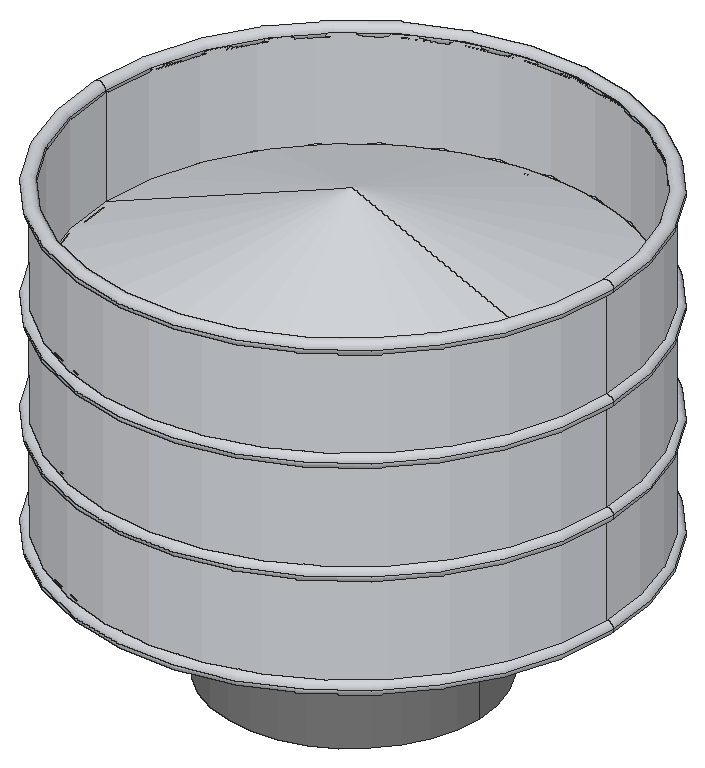
Revit family "НЕВАТОМ_Дефлектор, версия 1", category Воздухораспределители, Revit 2017
Family settings
  Размер круглого соединителя = Использовать диаметр
  Тип детали = Нормальный
  На основе рабочей плоскости = Нет
  Всегда вертикально = Да
  При загрузке вырезать с полостями = Нет
  Общий = Нет
  Точка расчета площади = Нет
Parameters (values of type "1120")
  Расход [instance] = 0.0 L/s
  Н2 = 1345 mm
  Н = 1904 mm
  Материал = Материал корпуса
  Nevatom_URL = "https://t.me/NEVATOM_Bim_bot"
  D3/2 = D3 / 2  # 1120 mm
  D3 = 2240 mm
  D* = D / 20  # 56 mm
  D in = D3 - D / 20  # 2184 mm
  D = 1120 mm
  ADSK_Расход воздуха = 0.0 L/s
  ADSK_Размер_Ширина = D3  # 2240 mm
  ADSK_Размер_Длина = D3  # 2240 mm
  ADSK_Размер_Высота = Н  # 1904 mm
  ADSK_Примечание = ""
  ADSK_Потеря давления воздуха = 0.0 Pa
  ADSK_Позиция = ""
  ADSK_Наименование = "Дефлектор"  # constant formula
  ADSK_Материал наименование = "Оцинкованная сталь"  # constant formula
  ADSK_Масса_Текст = "кг"
  ADSK_Марка = "Дефлектор-1120–ОЦ–Н"
  ADSK_Количество = 1  # constant formula
  ADSK_Код изделия = ""
  ADSK_Завод-изготовитель = "НЕВАТОМ"  # constant formula
  ADSK_Единица измерения = "шт"  # constant formula
Types (19, lengths in mm): name | Н2 | Н | D3/2 | D3 | D* | D in | D | ADSK_Размер_Ширина | ADSK_Размер_Длина | ADSK_Размер_Высота | ADSK_Марка
  (no name) | 1345 | 1904 | 1120 | 2240 | 56 | 2184 | 1120 | 2240 | 2240 | 1904 | "Дефлектор-1120–ОЦ–Н"
  500 | 610 | 850 | 500 | 1000 | 25 | 975 | 500 | 1000 | 1000 | 850 | "Дефлектор-500 –ОЦ–Н"
  100 | 145 | 170 | 89 | 178 | 5 | 173 | 100 | 178 | 178 | 170 | "Дефлектор-100–ОЦ–Н"
  125 | 170 | 213 | 112.5 | 225 | 6.25 | 218.75 | 125 | 225 | 225 | 213 | "Дефлектор-125–ОЦ–Н"
  160 | 220 | 272 | 160 | 320 | 8 | 312 | 160 | 320 | 320 | 272 | "Дефлектор-160–ОЦ–Н"
  200 | 260 | 340 | 200 | 400 | 10 | 390 | 200 | 400 | 400 | 340 | "Дефлектор-200–ОЦ–Н"
  250 | 300 | 425 | 250 | 500 | 12.5 | 487.5 | 250 | 500 | 500 | 425 | "Дефлектор-250–ОЦ–Н"
  315 | 400 | 536 | 315 | 630 | 15.75 | 614.25 | 315 | 630 | 630 | 536 | "Дефлектор-315–ОЦ–Н"
  355 | 445 | 604 | 355 | 710 | 17.75 | 692.25 | 355 | 710 | 710 | 604 | "Дефлектор-355–ОЦ–Н"
  400 | 500 | 680 | 400 | 800 | 20 | 780 | 400 | 800 | 800 | 680 | "Дефлектор-400–ОЦ–Н"
  450 | 560 | 765 | 450 | 900 | 22.5 | 877.5 | 450 | 900 | 900 | 765 | "Дефлектор-450–ОЦ–Н"
  560 | 610 | 952 | 500 | 1000 | 28 | 972 | 560 | 1000 | 1000 | 952 | "Дефлектор-560–ОЦ–Н"
  630 | 775 | 1071 | 630 | 1260 | 31.5 | 1228.5 | 630 | 1260 | 1260 | 1071 | "Дефлектор-630–ОЦ–Н"
  710 | 870 | 1207 | 665 | 1330 | 35.5 | 1294.5 | 710 | 1330 | 1330 | 1207 | "Дефлектор-710–ОЦ–Н"
  800 | 1000 | 1360 | 800 | 1600 | 40 | 1560 | 800 | 1600 | 1600 | 1360 | "Дефлектор-800–ОЦ–Н"
  900 | 1060 | 1530 | 900 | 1800 | 45 | 1755 | 900 | 1800 | 1800 | 1530 | "Дефлектор-900–ОЦ–Н"
  1000 | 1230 | 1700 | 1000 | 2000 | 50 | 1950 | 1000 | 2000 | 2000 | 1700 | "Дефлектор-1000–ОЦ–Н"
  1120 | 1345 | 1904 | 1120 | 2240 | 56 | 2184 | 1120 | 2240 | 2240 | 1904 | "Дефлектор-1120–ОЦ–Н"
  1250 | 1500 | 2125 | 1250 | 2500 | 62.5 | 2437.5 | 1250 | 2500 | 2500 | 2125 | "Дефлектор-1250–ОЦ–Н"
Reference planes
  plane 1 "По центру (Вперед/Назад)": y = 0
  plane 2: z = 0
  plane 3 "По центру (Влево/Вправо)": x = 0
  plane 4 "5": z = 279.5
  plane 5 "4": z = 559
  plane 6 "3": z = 1007.333
  plane 7 "2": z = 1455.667
  plane 8 "1": z = 1904
  plane 9: x = -560
  plane 10: x = 560
  plane 11: x = -1120
  plane 12: x = -1120
  plane 13: x = 1120
  plane 14: x = 0
Forms (mm)
  Extrusion 1, solid, material "Материал корпуса" <- "Материал"
    sketch origin (0, 0, 0) x (1, 0, 0) y (0, 1, 0)
      loop
        circle (0, 0) r 560
    from 0 to 559
  Revolve 2, solid
    sketch origin (0, 0, 0) x (1, 0, 0) y (0, 0, 1)
      loop
        circle (-560, 279.5) r 28
      axis (0, 279.5) -> (0, 278.5)
    angle from 0 to 360
  Revolve 3, solid
    sketch origin (20, 0, 0) x (1, 0, 0) y (0, 0, 1)
      loop
        circle (-1140, 559) r 28
      loop
        circle (-1140, 1007.333) r 28
      loop
        circle (-1140, 1455.667) r 28
      loop
        circle (-1140, 1904) r 28
      axis (-20, 1904) -> (-20, 559)
    angle from 0 to 360
  Revolve 4, solid
    sketch origin (0, 0, 0) x (1, 0, 0) y (0, 0, 1)
      loop
        line (-1120, 1455.667) -> (0, 1455.667) -> (0, 1904) -> (-1120, 1455.667)
      axis (0, 1904) -> (0, 1455.667)
    angle from 0 to 360
  Extrusion 5, solid
    sketch origin (0, 0, 0) x (1, 0, 0) y (0, 1, 0)
      loop
        circle (0, 0) r 1120
    from 559 to 1904
  Extrusion 6, void
    sketch origin (0, 0, 0) x (1, 0, 0) y (0, 1, 0)
      loop
        circle (0, 0) r 1092
    from 1455.667 to 1904
Cuts and joins
  Extrusion 6 cuts Extrusion 1
  Extrusion 6 cuts Extrusion 5
Dimensions and locks
  "Н": plane 8 "1" to plane 2
  "Н2": plane 8 "1" to plane 5 "4"
  equal spacing: plane 5 "4", plane 4 "5", plane 2
  equal spacing: plane 10, plane 3 "По центру (Влево/Вправо)", plane 9
  "D": plane 10 to plane 9
  equal spacing: plane 8 "1", plane 7 "2", plane 6 "3", plane 5 "4"
  "D3": plane 13 to plane 12
  equal spacing: plane 13, plane 3 "По центру (Влево/Вправо)", plane 12
  "D3/2": plane 14 to plane 11
  "D": diameter of Extrusion 1 sketch curve
  "D*": diameter of Revolve 2 sketch curve
  "D*": diameter of Revolve 3 sketch curve  (x4)
  "D3": diameter of Extrusion 5 sketch curve
  "D in": diameter of Extrusion 6 sketch curve
  aligned and locked: level to plane 2
  aligned and locked: plane 5 "4" to Extrusion 1
  aligned and locked: Extrusion 1 to plane 2
  aligned and locked: plane 4 "5" to Revolve 2 sketch curve
  aligned and locked: plane 9 to Revolve 2 sketch curve
  aligned and locked: Revolve 2 sketch curve to plane 3 "По центру (Влево/Вправо)"
  aligned and locked: plane 8 "1" to Revolve 3 sketch curve
  aligned and locked: Revolve 4 sketch curve to plane 7 "2"
  aligned and locked: plane 3 "По центру (Влево/Вправо)" to Revolve 4 sketch curve
  aligned and locked: plane 12 to Revolve 4 sketch curve
  aligned and locked: plane 8 "1" to Revolve 4 sketch curve
  aligned and locked: Revolve 4 sketch curve to plane 3 "По центру (Влево/Вправо)"
  aligned and locked: plane 8 "1" to Extrusion 5
  aligned and locked: Extrusion 5 to plane 5 "4"
  aligned and locked: plane 3 "По центру (Влево/Вправо)" to plane 14
  aligned and locked: Revolve 3 sketch curve to plane 14
  aligned and locked: plane 8 "1" to Extrusion 6
  aligned and locked: Extrusion 6 to plane 7 "2"
  aligned and locked: nested 1 to cut or joined group of Extrusion 1, Extrusion 6
Automatic sketch dimensions
  plane 1 "По центру (Вперед/Назад)" to Extrusion 1 sketch curve = 0 mm
  Extrusion 1 sketch curve to plane 3 "По центру (Влево/Вправо)" = 0 mm
  Revolve 2 sketch curve to level = 366.045 mm
  plane 8 "1" to Revolve 2 sketch curve = 1364.315 mm
  plane 1 "По центру (Вперед/Назад)" to Extrusion 6 sketch curve = 0 mm
  Extrusion 6 sketch curve to plane 3 "По центру (Влево/Вправо)" = 0 mm
  Revolve 3 sketch curve to plane 6 "3" = 0 mm
  Revolve 3 sketch curve to plane 11 = 0 mm  (x4)
  Revolve 3 sketch curve to plane 7 "2" = 0 mm
  Revolve 3 sketch curve to plane 8 "1" = 0 mm
  Revolve 3 sketch curve to plane 5 "4" = 0 mm
  Revolve 3 sketch curve to level = 126.249 mm
  plane 8 "1" to Revolve 3 sketch curve = 247.188 mm
  Revolve 4 sketch curve to level = 366.045 mm
  Revolve 4 sketch curve to Revolve 4 sketch curve = 1364.315 mm
  plane 1 "По центру (Вперед/Назад)" to Extrusion 5 sketch curve = 0 mm
  Extrusion 5 sketch curve to plane 3 "По центру (Влево/Вправо)" = 0 mm
Nested families
  nested 1: "НЕВАТОМ_QR-D_1" at (-1.12, -1.658, -1), type "100", not visible
Connectors
  hvac at (0, 0, 0), driven by "D", driven by "Расход"
    settings: on cut or joined group of Extrusion 1, Extrusion 6, index 1, duct flow 0.0 L/s, flow factor 0, pres drop 0.0 Pa, loss coef 0, conn angle 0.00°, conn width 304.8 mm, conn height 304.8 mm, conn diameter 1120 mm, duct sys type 29, conn prof type 0, flow config 1, flow direction 0, loss method 0, conn ref index -1, conn util no, is conn primary yes, conn desc ""
Definition of nested family "НЕВАТОМ_QR-D_1"
  Parameters (values of type "60")
    Nevatom_Logo_Perspective = none
    L = 1 mm
    D = 60 mm
  Types (7, lengths in mm): name | D
    (no name) | 60
    6,3 | 6.3
    10 | 10
    20 | 20
    40 | 40
    60 | 60
    100 | 100
  Reference planes
    plane 1 "По центру (Вперед/Назад)": y = 0
    plane 2: z = 0
    plane 3 "По центру (Влево/Вправо)": x = 0
  Forms (mm)
    Extrusion 1, solid, material <- "Nevatom_Logo_Perspective"
      sketch origin (0, 0, 0) x (1, 0, 0) y (0, 1, 0)
        loop
          circle (0, 0) r 30
      from 0 to 1 <- "L"
  Dimensions and locks
    "D": diameter of Extrusion 1 sketch curve
    aligned and locked: level to plane 2
  Automatic sketch dimensions
    plane 1 "По центру (Вперед/Назад)" to Extrusion 1 sketch curve = 0 mm
    Extrusion 1 sketch curve to plane 3 "По центру (Влево/Вправо)" = 0 mm
